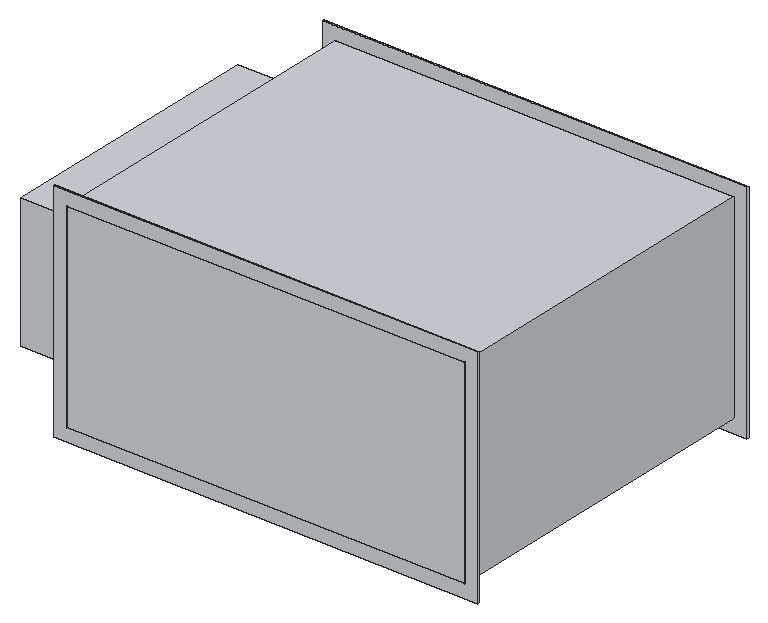
Revit family "Воздухонагреватель электрический DE", category Оборудование, Revit 2022
Family settings
  Размер круглого соединителя = Использовать диаметр
  Тип детали = Нормальный
  На основе рабочей плоскости = Нет
  Всегда вертикально = Нет
  При загрузке вырезать с полостями = Нет
  Сохранять ориентацию аннотаций = Нет
  Общий = Нет
  Точка принадлежности помещению = Нет
Parameters (values of type "DE 60-30/15")
  Отметка по умолчанию = 0 mm
  Изготовитель = "WAER"  # constant formula
  Keynote = ""
  URL = "https://waer-air.com/"
  ADSK_Ширина_Б = 710 mm
  ADSK_Ток = ADSK_Номинальная мощность / ADSK_Напряжение / ADSK_Количество фаз ^ 0.5  # 22.7901 A
  ADSK_Тепловая мощность = ADSK_Номинальная мощность  # 15000 W
  ADSK_Система_Имя [instance] = ""
  ADSK_Расход воздуха = 0.0 m³/h
  ADSK_Размер_Ширина = 600 mm
  ADSK_Размер_Длина_А = 510 mm
  ADSK_Размер_Высота = 300 mm
  ADSK_Потеря давления воздуха = 0.0 Pa
  ADSK_Полная мощность = ADSK_Напряжение * ADSK_Ток * ADSK_Количество фаз ^ 0.5  # 15000 VA
  ADSK_Номинальная мощность = 15000 W
  ADSK_Напряжение = 380 V
  ADSK_Наименование краткое = "DE 60-30/15"
  ADSK_Наименование = "Воздухонагреватель электрический DE 60-30/15"
  ADSK_Масса_Текст = "22.2"
  ADSK_Масса = 22.2
  ADSK_Марка = ""
  ADSK_Количество фаз = 3
  ADSK_Количество ступеней = 2
  ADSK_Количество = 1  # constant formula
  ADSK_Код изделия = ""
  ADSK_Классификация нагрузок = ОВК
  ADSK_Завод-изготовитель = "WAER"  # constant formula
  ADSK_Единица измерения = "шт."  # constant formula
Types (27, lengths in mm): name | ADSK_Ширина_Б | ADSK_Ток | ADSK_Тепловая мощность | ADSK_Размер_Ширина | ADSK_Размер_Длина_А | ADSK_Размер_Высота | ADSK_Полная мощность | ADSK_Номинальная мощность | ADSK_Наименование краткое | ADSK_Наименование | ADSK_Масса_Текст | ADSK_Масса | ADSK_Количество ступеней
  DE 40-20/6 | 510 | 9.11606 A | 6000 W | 400 | 390 | 200 | 6000 VA | 6000 W | "DE 40-20/6" | "Воздухонагреватель электрический DE 40-20/6" | "9.6" | 9.6 | 1
  DE 40-20/12 | 510 | 18.2321 A | 12000 W | 400 | 510 | 200 | 12000 VA | 12000 W | "DE 40-20/12" | "Воздухонагреватель электрический DE 40-20/12" | "13.5" | 13.5 | 2
  DE 50-25/7.5 | 610 | 11.3951 A | 7500 W | 500 | 390 | 250 | 7500 VA | 7500 W | "DE 50-25/7.5" | "Воздухонагреватель электрический DE 50-25/7.5" | "11.6" | 11.6 | 1
  DE 50-25/15 | 610 | 22.7901 A | 15000 W | 500 | 510 | 250 | 15000 VA | 15000 W | "DE 50-25/15" | "Воздухонагреватель электрический DE 50-25/15" | "16" | 16 | 2
  DE 50-25/22.5 | 610 | 34.1852 A | 22500 W | 500 | 630 | 250 | 22500 VA | 22500 W | "DE 50-25/22.5" | "Воздухонагреватель электрический DE 50-25/22.5" | "20.5" | 20.5 | 2
  DE 50-30/7.5 | 610 | 11.3951 A | 7500 W | 500 | 390 | 300 | 7500 VA | 7500 W | "DE 50-30/7.5" | "Воздухонагреватель электрический DE 50-30/7.5" | "12.4" | 12.4 | 1
  DE 50-30/15 | 610 | 22.7901 A | 15000 W | 500 | 510 | 300 | 15000 VA | 15000 W | "DE 50-30/15" | "Воздухонагреватель электрический DE 50-30/15" | "17.1" | 17.1 | 2
  DE 50-30/22.5 | 610 | 34.1852 A | 22500 W | 500 | 630 | 300 | 22500 VA | 22500 W | "DE 50-30/22.5" | "Воздухонагреватель электрический DE 50-30/22.5" | "22" | 22 | 2
  DE 60-30/15 | 710 | 22.7901 A | 15000 W | 600 | 510 | 300 | 15000 VA | 15000 W | "DE 60-30/15" | "Воздухонагреватель электрический DE 60-30/15" | "22.2" | 22.2 | 2
  DE 60-30/22.5 | 710 | 34.1852 A | 22500 W | 600 | 630 | 300 | 22500 VA | 22500 W | "DE 60-30/22.5" | "Воздухонагреватель электрический DE 60-30/22.5" | "28.2" | 28.2 | 2
  DE 60-30/30 | 710 | 45.5803 A | 30000 W | 600 | 750 | 300 | 30000 VA | 30000 W | "DE 60-30/30" | "Воздухонагреватель электрический DE 60-30/30" | "34.2" | 34.2 | 2
  DE 60-35/15 | 710 | 22.7901 A | 15000 W | 600 | 510 | 350 | 15000 VA | 15000 W | "DE 60-35/15" | "Воздухонагреватель электрический DE 60-35/15" | "23.6" | 23.6 | 2
  DE 60-35/22.5 | 710 | 34.1852 A | 22500 W | 600 | 630 | 350 | 22500 VA | 22500 W | "DE 60-35/22.5" | "Воздухонагреватель электрический DE 60-35/22.5" | "29.8" | 29.8 | 2
  DE 60-35/30 | 710 | 45.5803 A | 30000 W | 600 | 750 | 350 | 30000 VA | 30000 W | "DE 60-35/30" | "Воздухонагреватель электрический DE 60-35/30" | "36.1" | 36.1 | 2
  DE 70-40/15 | 830 | 22.7901 A | 15000 W | 700 | 510 | 400 | 15000 VA | 15000 W | "DE 70-40/15" | "Воздухонагреватель электрический DE 70-40/15" | "25" | 25 | 2
  DE 70-40/30 | 830 | 45.5803 A | 30000 W | 700 | 510 | 400 | 30000 VA | 30000 W | "DE 70-40/30" | "Воздухонагреватель электрический DE 70-40/30" | "24.6" | 24.6 | 2
  DE 70-40/45 | 830 | 68.3704 A | 45000 W | 700 | 630 | 400 | 45000 VA | 45000 W | "DE 70-40/45" | "Воздухонагреватель электрический DE 70-40/45" | "35.1" | 35.1 | 3
  DE 70-40/60 | 830 | 91.1606 A | 60000 W | 700 | 750 | 400 | 60000 VA | 60000 W | "DE 70-40/60" | "Воздухонагреватель электрический DE 70-40/60" | "42.5" | 42.5 | 4
  DE 80-50/15 | 930 | 22.7901 A | 15000 W | 800 | 510 | 500 | 15000 VA | 15000 W | "DE 80-50/15" | "Воздухонагреватель электрический DE 80-50/15" | "30.9" | 30.9 | 2
  DE 80-50/30 | 930 | 45.5803 A | 30000 W | 800 | 510 | 500 | 30000 VA | 30000 W | "DE 80-50/30" | "Воздухонагреватель электрический DE 80-50/30" | "30.9" | 30.9 | 2
  DE 80-50/45 | 930 | 68.3704 A | 45000 W | 800 | 630 | 500 | 45000 VA | 45000 W | "DE 80-50/45" | "Воздухонагреватель электрический DE 80-50/45" | "38.8" | 38.8 | 3
  DE 80-50/60 | 930 | 91.1606 A | 60000 W | 800 | 750 | 500 | 60000 VA | 60000 W | "DE 80-50/60" | "Воздухонагреватель электрический DE 80-50/60" | "46.7" | 46.7 | 4
  DE 90-50/30 | 1040 | 45.5803 A | 30000 W | 900 | 510 | 500 | 30000 VA | 30000 W | "DE 90-50/30" | "Воздухонагреватель электрический DE 90-50/30" | "33.5" | 33.5 | 2
  DE 90-50/45 | 1040 | 68.3704 A | 45000 W | 900 | 630 | 500 | 45000 VA | 45000 W | "DE 90-50/45" | "Воздухонагреватель электрический DE 90-50/45" | "41.8" | 41.8 | 3
  DE 90-50/60 | 1040 | 91.1606 A | 60000 W | 900 | 750 | 500 | 60000 VA | 60000 W | "DE 90-50/60" | "Воздухонагреватель электрический DE 90-50/60" | "50" | 50 | 4
  DE 100-50/45 | 1140 | 68.3704 A | 45000 W | 1000 | 630 | 500 | 45000 VA | 45000 W | "DE 100-50/45" | "Воздухонагреватель электрический DE 100-50/45" | "43.5" | 43.5 | 3
  DE 100-50/60 | 1140 | 91.1606 A | 60000 W | 1000 | 750 | 500 | 60000 VA | 60000 W | "DE 100-50/60" | "Воздухонагреватель электрический DE 100-50/60" | "52.0" | 52 | 4
Reference planes
  plane 1 "По центру (Вперед/Назад)": y = 0
  plane 2: z = 0
  plane 3 "По центру (Влево/Вправо)": x = 0
  plane 4: x = -300
  plane 5: x = 300
  plane 6: z = -150
  plane 7: z = 150
  plane 8: y = -255
  plane 9: y = 255
  plane 10: x = -410
Forms (mm)
  Extrusion 1, solid
    sketch origin (0, 0, 0) x (1, 0, 0) y (0, 0, 1)
      loop
        line (-300, 150) -> (-300, -150) -> (300, -150) -> (300, 150) -> (-300, 150)
    from -255 to 255
  Sweep 2, solid
    path in 3D
      loop
        line (-300, -255, 150) -> (-300, -255, -150) -> (300, -255, -150) -> (300, -255, 150) -> (-300, -255, 150)
    profile origin (0, -255, 150) x (0, -1, 0) y (0, 0, 1)
      loop
        line (0, 0) -> (0, 20) -> (-2, 20) -> (-2, 0) -> (0, 0)
  Sweep 3, solid
    path in 3D
      loop
        line (300, 255, 150) -> (300, 255, -150) -> (-300, 255, -150) -> (-300, 255, 150) -> (300, 255, 150)
    profile origin (0, 255, 150) x (0, 1, 0) y (0, 0, 1)
      loop
        line (0, 0) -> (0, 20) -> (-2, 20) -> (-2, 0) -> (0, 0)
  Extrusion 4, solid
    sketch origin (0, 0, 0) x (0, 1, 0) y (0, 0, 1)
      loop
        line (205, 100) -> (-205, 100) -> (-205, -100) -> (205, -100) -> (205, 100)
    from -410 to -300
Lines and regions (mm)
  sketch lines
    curve 1: line (300, -255, 150) -> (-300, -255, 150)
    curve 2: line (-300, -255, 150) -> (-300, -255, -150)
    curve 3: line (-300, -255, -150) -> (300, -255, -150)
    curve 4: line (300, -255, -150) -> (300, -255, 150)
    curve 5: line (-300, 255, 150) -> (300, 255, 150)
    curve 6: line (300, 255, 150) -> (300, 255, -150)
    curve 7: line (300, 255, -150) -> (-300, 255, -150)
    curve 8: line (-300, 255, -150) -> (-300, 255, 150)
Dimensions and locks
  equal spacing: plane 5, plane 3 "По центру (Влево/Вправо)", plane 4
  "ADSK_Размер_Ширина": plane 5 to plane 4
  equal spacing: plane 7, plane 2, plane 6
  "ADSK_Размер_Высота": plane 7 to plane 6
  equal spacing: plane 9, plane 1 "По центру (Вперед/Назад)", plane 8
  "ADSK_Размер_Длина_А": plane 9 to plane 8
  plane 8 to plane 9 = 510 mm
  "ADSK_Ширина_Б": plane 10 to plane 5
  locked: plane 7 to Extrusion 4 sketch curve at 50
  locked: Extrusion 4 sketch curve to plane 6 at 50
  locked: plane 8 to Extrusion 4 sketch curve at 50
  locked: Extrusion 4 sketch curve to plane 9 at 50
  aligned and locked: level to plane 2
  aligned and locked: Extrusion 1 sketch curve to plane 7
  aligned and locked: plane 4 to Extrusion 1 sketch curve
  aligned and locked: plane 6 to Extrusion 1 sketch curve
  aligned and locked: Extrusion 1 sketch curve to plane 5
  aligned and locked: plane 9 to Extrusion 1
  aligned and locked: Extrusion 1 to plane 8
  aligned and locked: Extrusion 4 to plane 10
  aligned and locked: plane 4 to Extrusion 4
Automatic sketch dimensions
  Sweep 2 sketch curve to profile plane = 0 mm  (x2)
  profile plane to Sweep 2 sketch curve = 2 mm
  profile plane to Sweep 2 sketch curve = 20 mm
  Sweep 3 sketch curve to profile plane = 0 mm  (x2)
  profile plane to Sweep 3 sketch curve = 2 mm
  profile plane to Sweep 3 sketch curve = 20 mm
Connectors
  hvac at (0, -255, 0), driven by "ADSK_Размер_Высота", driven by "ADSK_Размер_Ширина"
    settings: on Extrusion 1, index 1, duct flow 0.0 m³/h, flow factor 0, pres drop 0.0 Pa, loss coef 0, conn angle 0.00°, conn width 600 mm, conn height 300 mm, conn diameter 609.6 mm, duct sys type 29, conn prof type 1, flow config 2, flow direction 0, loss method 0, conn ref index 2, conn util no, is conn primary yes, conn desc ""
  hvac at (0, 255, 0), driven by "ADSK_Размер_Высота", driven by "ADSK_Размер_Ширина"
    settings: on Extrusion 1, index 2, duct flow 0.0 m³/h, flow factor 0, pres drop 0.0 Pa, loss coef 0, conn angle 0.00°, conn width 600 mm, conn height 300 mm, conn diameter 609.6 mm, duct sys type 29, conn prof type 1, flow config 2, flow direction 0, loss method 0, conn ref index 1, conn util no, is conn primary no, conn desc ""
  electrical at (-410, 0, 0)
    settings: on Extrusion 4, index 3, voltage 0 V, apparent load 0 VA, apparent load phase1 0 VA, apparent load phase2 0 VA, apparent load phase3 0 VA, power factor 1, load classification "Прочее", number of poles 1, system type 14, power factor state 1, is connector primary yes, connector utility no, sub classification motor no, connector description ""
